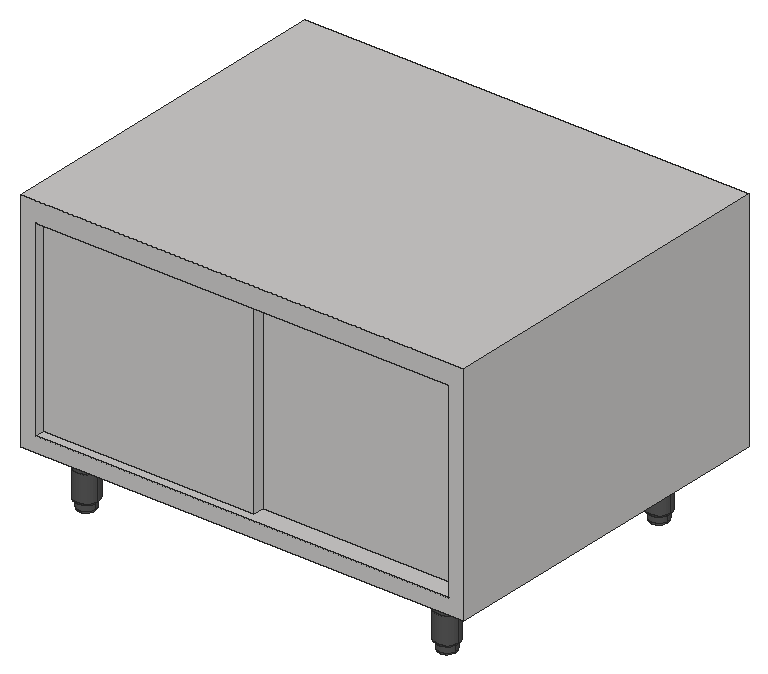
Revit family "QF_CAPIC_PF_W293037", category Equipement spécialisé, Revit 2018
Family settings
  Cote de connecteur circulaire = Utiliser le diamètre
  Type d'élément = Normal
  Numéro OmniClass = 23.40.40.14
  Titre OmniClass = Food Service Equipment
  Basée sur le plan de construction = Non
  Toujours verticalement = Oui
  Couper avec des vides une fois chargée = Non
  Partagée = Non
  Point de calcul de pièce = Non
Parameters (values of type "L=1000mm")
  URL catalogue = "http://www.capic-fr.com/fr/"
  Type de Raccord Plomberie [instance] = ""
  Type de Raccord Electrique [instance] = ""
  Type de Gaz = ""
  Type article [instance] = ""
  Tension = 0 V
  Spécification du Fabricant = ""
  Show Logo = yes
  Remarques evacuation [instance] = ""
  Remarques Plomberie [instance] = ""
  Remarques Electricité [instance] = ""
  Puissance électrique  = 0 W
  Puissance Gaz kW = 0
  Profondeur hors tout = 801 mm
  Pression Maximum Eau Adoucie = 0.0 Pa
  Poids net à vide = 80.00 kg
  Phase = 0
  Modèle = "W293037"
  Longueur porte = Longueur hors tout / 2 - 25 mm  # 475 mm
  Longueur hors tout = 1000 mm
  Intensité nominale = 0 A
  Hauteur hors tout = 630 mm
  Hauteur de Raccordement du Sol Finis = 0 mm
  Hauteur de Raccordement Gaz du Sol Finis = 0 mm
  Hauteur de Raccordement Evacuation Directe du Sol Finis = 0 mm
  Hauteur de Raccordement Eau Froide du Sol Finis = 0 mm
  Hauteur de Raccordement Eau Chaude du Sol Finis = 0 mm
  Hauteur de Raccordement Eau Adoucie du Sol Finis = 0 mm
  Fréquence = 0 Hz
  Fabricant = "CAPIC"
  Débit d'air d'extraction = 0.0 m³/h
  Débit Gaz = 0.0 L/s
  Débit Eau Froide = 0.0 L/s
  Débit Eau Chaude = 0.0 L/s
  Débit Eau Adoucie = 0.0 L/s
  Diamètre de Raccordement Gaz = 0 mm
  Diamètre de Raccordement Evacuation = 0 mm
  Diamètre de Raccordement Eau Froide = 0 mm
  Diamètre de Raccordement Eau Chaude = 0 mm
  Diamètre de Raccordement Eau Adoucie = 0 mm
  Description = "Placard fermé 2 portes coulissantes"
  Assembly Code = ""
  Classification  Omniclass nombre et titre = ""
Reference planes
  plane 1 "Centre (avant/arrière)": y = 0
  plane 2: z = 0
  plane 3 "Centre (gauche/droite)": x = 0
  plane 4 "Centre G/E": y = 0
  plane 5: y = -838
  plane 6: x = 1000
  plane 7: x = 998
  plane 8: x = 2
  plane 9: x = 965
  plane 10: y = -818
  plane 11: x = 958
  plane 12: y = -223
  plane 13: y = -820
  plane 14: z = 141
  plane 15: x = 42
  plane 16: x = 35
  plane 17: y = -182
  plane 18: z = 621
  plane 19: z = 120
  plane 20: y = -37
  plane 21: x = 510
  plane 22: x = 490
Forms (mm)
  Extrusion 1, solid, material "QF_Stainless Steel-Brushed"
    sketch origin (1480, 0, 0) x (1, 0, 0) y (0, 0, 1)
      loop
        line (-1480, 630) -> (-1480, 120) -> (-480, 120) -> (-480, 630) -> (-1480, 630)
    from 838 to 37
  Extrusion 2, void
    sketch origin (1480, 0, 0) x (1, 0, 0) y (0, 0, 1)
      loop
        line (-1445, 155.456) -> (-515, 155.456) -> (-515, 585.456) -> (-1445, 585.456) -> (-1445, 155.456)
    from 838 to 182
  Extrusion 3, void
    sketch origin (1480, 0, 0) x (1, 0, 0) y (0, 1, 0)
      loop
        line (-1445, -182) -> (-1445, -820) -> (-515, -820) -> (-515, -182) -> (-1445, -182)
    from 120 to 141
  Extrusion 4, solid, material "QF_Stainless Steel-Brushed"
    sketch origin (0, 0, 0) x (1, 0, 0) y (0, 1, 0)
      loop
        line (35, -818) -> (510, -818) -> (510, -793) -> (35, -793) -> (35, -818)
    from 155.456 to 585.456
  Extrusion 5, solid, material "QF_Stainless Steel-Brushed"
    sketch origin (0, 0, 0) x (1, 0, 0) y (0, 1, 0)
      loop
        line (490, -793) -> (965, -793) -> (965, -768) -> (490, -768) -> (490, -793)
    from 155.456 to 585.456
Cuts and joins
  Extrusion 2, Extrusion 3 cuts Extrusion 1
Lines and regions (mm)
  model lines
    curve 1: line (890, -793, 425.451) -> (945, -793, 425.451)
    curve 2: line (890, -793, 315.451) -> (890, -793, 425.451)
    curve 3: line (945, -793, 315.451) -> (890, -793, 315.451)
    curve 4: line (945, -793, 425.451) -> (945, -793, 315.451)
    curve 5: line (938, -793, 418.451) -> (897, -793, 418.451)
    curve 6: line (897, -793, 418.451) -> (897, -793, 322.451)
    curve 7: line (938, -793, 322.451) -> (938, -793, 418.451)
    curve 8: line (897, -793, 322.451) -> (938, -793, 322.451)
    curve 17: line (55, -818, 425.451) -> (110, -818, 425.451)
    curve 18: line (55, -818, 315.451) -> (55, -818, 425.451)
    curve 19: line (110, -818, 315.451) -> (55, -818, 315.451)
    curve 20: line (110, -818, 425.451) -> (110, -818, 315.451)
    curve 21: line (103, -818, 418.451) -> (62, -818, 418.451)
    curve 22: line (62, -818, 418.451) -> (62, -818, 322.451)
    curve 23: line (103, -818, 322.451) -> (103, -818, 418.451)
    curve 24: line (62, -818, 322.451) -> (103, -818, 322.451)
  model lines, not visible
    curve 9: line (890, -793, 425.451) -> (945, -793, 425.451)
    curve 10: line (890, -793, 315.451) -> (890, -793, 425.451)
    curve 11: line (945, -793, 315.451) -> (890, -793, 315.451)
    curve 12: line (945, -793, 425.451) -> (945, -793, 315.451)
    curve 13: line (938, -793, 418.451) -> (897, -793, 418.451)
    curve 14: line (897, -793, 418.451) -> (897, -793, 322.451)
    curve 15: line (938, -793, 322.451) -> (938, -793, 418.451)
    curve 16: line (897, -793, 322.451) -> (938, -793, 322.451)
    curve 25: line (45, -818, 425.451) -> (100, -818, 425.451)
    curve 26: line (45, -818, 315.451) -> (45, -818, 425.451)
    curve 27: line (100, -818, 315.451) -> (45, -818, 315.451)
    curve 28: line (100, -818, 425.451) -> (100, -818, 315.451)
    curve 29: line (93, -818, 418.451) -> (52, -818, 418.451)
    curve 30: line (52, -818, 418.451) -> (52, -818, 322.451)
    curve 31: line (93, -818, 322.451) -> (93, -818, 418.451)
    curve 32: line (52, -818, 322.451) -> (93, -818, 322.451)
Dimensions and locks
  locked: plane 9 to plane 6 at 35
  locked: plane 10 to plane 5 at 20
  "Profondeur hors tout": plane 5 to plane 20
  locked: plane 12 to plane 13 at 597
  locked: plane 7 to plane 6 at 2
  locked: plane 3 "Centre (gauche/droite)" to plane 8 at 2
  "Longueur hors tout": plane 3 "Centre (gauche/droite)" to plane 6
  locked: plane 3 "Centre (gauche/droite)" to plane 16 at 35
  locked: plane 13 to plane 5 at 18
  locked: plane 3 "Centre (gauche/droite)" to plane 15 at 42
  locked: plane 11 to plane 6 at 42
  locked: plane 17 to plane 5 at 656
  plane 14 to plane 19 to plane 2 = 21 mm locked, 120 mm locked
  locked: plane 20 to plane 4 "Centre G/E" at 37
  "Longueur porte": plane 16 to plane 21
  locked: Extrusion 4 to plane 10 at 25
  "Longueur porte": plane 22 to plane 9
  locked: Extrusion 5 to Extrusion 5 at 25
  locked: plane 6 to curve 4 at 55
  locked: curve 3 to level at 315.451
  locked: curve 18 to plane 3 "Centre (gauche/droite)" at 55
  aligned and locked: level to plane 2
  aligned and locked: Extrusion 1 to Extrusion 2
  aligned and locked: cut or joined group of Extrusion 1, Extrusion 2, Extrusion 3 to plane 5
  aligned and locked: nested 1 to plane 14
  aligned and locked: nested 2 to plane 14
  aligned and locked: nested 2 to plane 13
  aligned and locked: nested 2 to plane 15
  aligned and locked: nested 1 to plane 15
  aligned and locked: nested 1 to plane 12
  aligned and locked: nested 3 to plane 11
  aligned and locked: nested 4 to plane 11
  aligned and locked: plane 13 to nested 4
  aligned and locked: Extrusion 3 to plane 13
  aligned and locked: plane 17 to cut or joined group of Extrusion 1, Extrusion 2, Extrusion 3
  aligned and locked: plane 12 to nested 3
  aligned and locked: cut or joined group of Extrusion 1, Extrusion 2, Extrusion 3 to plane 17
  aligned and locked: plane 20 to cut or joined group of Extrusion 1, Extrusion 2, Extrusion 3
  aligned and locked: Extrusion 4 to plane 16
  aligned and locked: Extrusion 4 to plane 10  (x2)
  aligned and locked: Extrusion 4 to plane 21
  aligned and locked: Extrusion 5 to plane 22
  aligned and locked: plane 9 to Extrusion 5
  aligned and locked: Extrusion 5 to Extrusion 4
  aligned and locked: cut or joined group of Extrusion 1, Extrusion 2, Extrusion 3 to Extrusion 4  (x2)
  aligned and locked: cut or joined group of Extrusion 1, Extrusion 2, Extrusion 3 to Extrusion 5
Automatic sketch dimensions
  Extrusion 1 sketch curve to plane 3 "Centre (gauche/droite)" = 0 mm
  Extrusion 1 sketch curve to plane 6 = 0 mm
  Extrusion 1 sketch curve to plane 19 = 0 mm
  plane 18 to Extrusion 1 sketch curve = 9 mm
  Extrusion 2 sketch curve to plane 16 = 0 mm
  Extrusion 2 sketch curve to plane 9 = 0 mm
  Extrusion 2 sketch curve to plane 14 = 14.456 mm
  Extrusion 2 sketch curve to plane 18 = 35.544 mm
  Extrusion 3 sketch curve to plane 13 = 0 mm
  Extrusion 3 sketch curve to plane 16 = 0 mm
  Extrusion 3 sketch curve to plane 9 = 0 mm
  Extrusion 3 sketch curve to plane 17 = 0 mm
  Extrusion 4 sketch curve to plane 16 = 0 mm
  Extrusion 4 sketch curve to plane 21 = 0 mm
  Extrusion 4 sketch curve to plane 10 = 0 mm
  Extrusion 4 sketch curve to Extrusion 4 sketch curve = 25 mm
  Extrusion 5 sketch curve to plane 22 = 0 mm
  Extrusion 5 sketch curve to plane 9 = 0 mm
  plane 10 to Extrusion 5 sketch curve = 25 mm
  Extrusion 5 sketch curve to Extrusion 5 sketch curve = 25 mm
Nested families
  nested 1: "QF_Details_Pied" at (93.5, -223, 0), type "QF_Details_Pied"
  nested 2: "QF_Details_Pied" at (93.5, -820, 0), type "QF_Details_Pied"
  nested 3: "QF_Details_Pied" at (906.5, -223, 0), type "QF_Details_Pied"
  nested 4: "QF_Details_Pied" at (906.5, -820, 0), type "QF_Details_Pied"
Definition of nested family "QF_Details_Pied"
  Reference planes
    plane 1 "Centre (avant/arrière)": y = 0
    plane 2: z = 0
    plane 3 "Centre (gauche/droite)": x = 0
  Forms (mm)
    Extrusion 1, solid
      sketch origin (-137.492, 51.5, -340.756) x (1, 0, 0) y (0, 0, 1)
        loop
          line (85.992, 481.756) -> (85.992, 472.756) -> (188.992, 472.756) -> (188.992, 481.756) -> (85.992, 481.756)
      from -51.5 to 51.5
    Revolve 2, solid
      sketch origin (0, 51.5, -9) x (1, 0, 0) y (0, 0, 1)
        loop
          line (0, 141) -> (0, 9) -> (19.21, 9) -> (19.21, 13) -> (20.21, 13) -> (20.21, 26) -> (21.71, 26) -> (26.66, 30.95) -> (26.66, 90.95) -> (31.468, 136.698) -> (36.246, 141) -> (0, 141)
        axis (0, 141) -> (0, 9)
      angle from 0 to 360
  Dimensions and locks
    aligned and locked: level to plane 2
    aligned and locked: Extrusion 1 to Revolve 2 sketch curve
